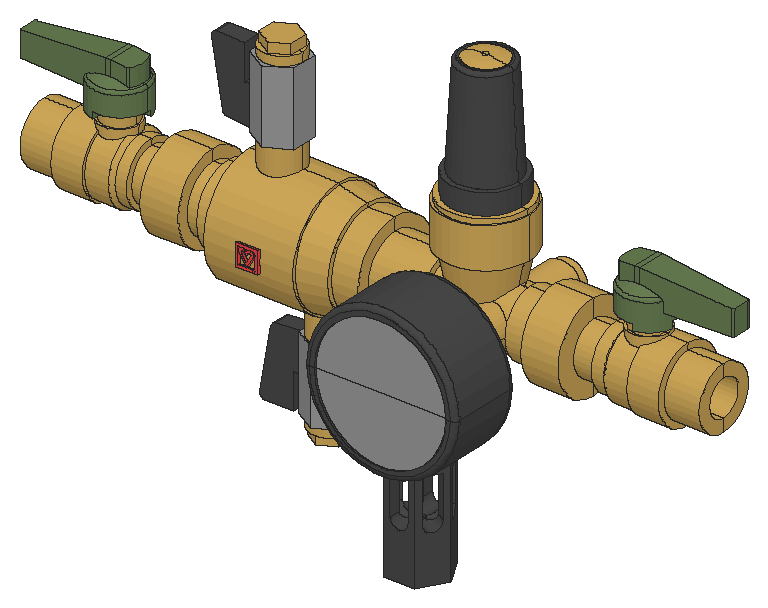
Revit family "Узел подпитки и предотвращения обратного потока 0305", category Rohrzubehör, Revit 2021
Family settings
  Bemaßung runder Anschluss = Durchmesser verwenden
  Teiletyp = Unterbricht
  OmniClass-Nummer = 23.65.55.14
  OmniClass-Titel = Valves for Liquid Services
  Arbeitsebenenbasiert = Nein
  Immer vertikal = Ja
  Beim Laden mit Abzugskörper schneiden = Nein
  Gemeinsam genutzt = Nein
Parameters
  Уплотнение = "EPDM"  # constant formula
  Примечание = "В соответствии со статьей 33 Регламента REACH (Registration; Evaluation; Authorisation; Restriction of Chemicals) (EC № 1907/2006) мы обязаны указать, что свинец внесен в список SVHC (Substances of Very High Concern - вещества очень высокой важности) и весовой процент свинца во всех латунных компонентах заводского изготовления в наших изделиях, превышает 0,1 % (w/w) (CAS: 7439-92-1 / EINECS: 231-100-4).\r\nПоскольку свинец является легирующим компонентом сплава, прямое негативное влияние исключается, и поэтому дополнительной информации о безопасном использовании не требуется."
  Область применения = "Согласно EN 1717 задача узлов предотвращения обратного потока состоит в том, чтобы не допустить обратного оттока или всасывания загрязнённой воды в сеть питьевого водоснабжения.\r\nОни устанавливаются в местах, где сеть питьевого водоснабжения соединяется с технической водой жёсткими или гибкими трубопроводами.\r\nВ основном эти узлы применяются в установках для умягчения, понижения кислотности, а также декарбонизации воды.\r\nКроме этого, узлы предотвращения обратного потока могут устанвливаться в дезинфицирующих системах или перед аппаратами химической очистки для предотвращения обратного потока химически загрязненной воды в систему питьевого водоснабжения."
  Макс. рабочее давление = 1000000.0 Pa  # constant formula
  Макс. рабочая температура = 65 °C  # constant formula
  Корпус = "латунь, CW617N"  # constant formula
  Предварительная заводская настройка давления = 150000.0 Pa  # constant formula
  W02 = 80.00°  # constant formula
  W01 = 45.00°  # constant formula
  Vorgabe-Ansicht = 0.000 mm
  URL = "www.herz-armaturen.ru"
  SC_NennweiteBerechnet = 0
  SC_Dimension = ""
  SCTWSEQ = "AW;SBT_TYP_AW=\"104\";2"
  SCTWCODE = "04;12;02"  # constant formula
  S08 = 65.000 mm  # constant formula
  S07 = 75.000 mm  # constant formula
  S06 = 27.000 mm  # constant formula
  S05 = 8.000 mm  # constant formula
  S04 = 20.000 mm  # constant formula
  S03 = 40.000 mm  # constant formula
  S02 [instance] = L17 + L18 + L19 + L20 + L21  # 74.900 mm
  S01 [instance] = D02 - 2.000 mm  # 13.200 mm
  R08 = 8.500 mm  # constant formula
  R07 = 31.000 mm  # constant formula
  R06 = 7.300 mm  # constant formula
  R05 = 6.500 mm  # constant formula
  R04 = 7.500 mm  # constant formula
  R03 = 8.500 mm  # constant formula
  R02 = 7.000 mm  # constant formula
  R01 = 8.000 mm  # constant formula
  Nennweite [instance] = 15.000 mm
  Среда = "питьевая вода"  # constant formula
  Макс. допустимая рабочая температура (кратковременно) = 85 °C  # constant formula
  L29 = 28.800 mm  # constant formula
  L28 = 85.300 mm  # constant formula
  L27 = 44.500 mm  # constant formula
  L26 = 48.500 mm  # constant formula
  L25 = 28.600 mm  # constant formula
  L24 = 10.100 mm  # constant formula
  L23 = 34.000 mm  # constant formula
  L22 = 22.000 mm  # constant formula
  L21 = 11.000 mm  # constant formula
  L20 = 12.000 mm  # constant formula
  L19 = 36.700 mm  # constant formula
  L18 = 8.700 mm  # constant formula
  L17 = 6.500 mm  # constant formula
  L16 = 70.500 mm  # constant formula
  L15 = 18.800 mm  # constant formula
  L14 = 30.000 mm  # constant formula
  L13 = 8.700 mm  # constant formula
  L12 = 4.800 mm  # constant formula
  L11 = 4.000 mm  # constant formula
  L10 = 23.300 mm  # constant formula
  L09 = 26.200 mm  # constant formula
  L08 = 15.500 mm  # constant formula
  L07 [instance] = size_lookup("0305_", "L7", 1.000 mm, Nennweite)  # 53.500 mm
  L06 [instance] = size_lookup("0305_", "L6", 1.000 mm, Nennweite)  # 30.700 mm
  L05 = 4.800 mm  # constant formula
  L04 = 10.000 mm  # constant formula
  L03 = 13.000 mm  # constant formula
  L02 [instance] = size_lookup("0305_", "L2", 1.000 mm, Nennweite)  # 14.600 mm
  L01 [instance] = size_lookup("0305_", "L1", 1.000 mm, Nennweite)  # 56.000 mm
  L00 [instance] = size_lookup("0305_", "L", 1.000 mm, Nennweite)  # 139.500 mm
  IG [instance] = Nennweite / 2  # 7.500 mm
  Hersteller = "HERZ Armaturen Ges.m.b.H."  # constant formula
  GT [instance] = size_lookup("0305_", "GT", 1.000 mm, Nennweite)  # 12.500 mm
  Положение при монтаже = "горизонтальное"  # constant formula
  D18 = 92.300 mm  # constant formula
  D17 = 66.500 mm  # constant formula
  D16 = 66.700 mm  # constant formula
  D15 = 12.200 mm  # constant formula
  D14 = 14.200 mm  # constant formula
  D13 = 19.200 mm  # constant formula
  D12 = 22.800 mm  # constant formula
  D11 = 23.700 mm  # constant formula
  D10 = 16.300 mm  # constant formula
  D09 = 13.500 mm  # constant formula
  D08 = 18.000 mm  # constant formula
  D07 = 22.000 mm  # constant formula
  D06 = 16.000 mm  # constant formula
  D05 = 10.600 mm  # constant formula
  D04 = 12.900 mm  # constant formula
  D03 = 14.400 mm  # constant formula
  D02 = 15.200 mm  # constant formula
  D01 [instance] = size_lookup("0305_", "D1", 1.000 mm, Nennweite)  # 12.600 mm
  Номер заказа [instance] = if(Nennweite = 15.000 mm, "I030501", if(Nennweite = 20.000 mm, "I030502", "0"))  # "I030501"
  Давление на выходе (регулируемое) = "0.5-3 bar"  # constant formula
Reference planes
  plane 1 "Mitte (Vorne/hinten)": y = 0
  plane 2: z = 0
  plane 3 "Mitte (Links/rechts)": x = 0
Forms (mm)
  Revolve 1, solid, material "Messing, weicher Gelbton, geschweißt", detail levels fine
    sketch origin (0, 0, 0) x (1, 0, 0) y (0, 0, 1)
      loop
        line (-127, 0) -> (-83.5, 0) -> (-83.5, 10.6) -> (-95.6, 10.6) -> (-95.6, 12.9) -> (-100.4, 12.9) -> (-101.9, 14.4) -> (-111.9, 14.4) -> (-111.9, 15.2) -> (-124.9, 15.2) -> (-124.9, 12.6) -> (-139.5, 12.6) -> (-139.5, 7.5) -> (-127, 7.5) -> (-127, 0)
      axis (-139.5, 0) -> (-83.5, 0)
    angle from 0 to 360
  Revolve 2, solid, material "Messing, weicher Gelbton, geschweißt", detail levels fine
    sketch origin (0, 0, 0) x (1, 0, 0) y (0, 0, 1)
      loop
        line (-100.8, 0) -> (-100.8, 16) -> (-101.8, 16) -> (-101.8, 22) -> (-108.8, 22) -> (-108.8, 0) -> (-100.8, 0)
      axis (-108.8, 22) -> (-108.8, 0)
    angle from 0 to 360
  Revolve 3, solid, material "Messing, weicher Gelbton, geschweißt", detail levels fine
    sketch origin (0, 0, 0) x (-1, 0, 0) y (0, 0, 1)
      loop
        line (-127, 0) -> (-83.5, 0) -> (-83.5, 10.6) -> (-95.6, 10.6) -> (-95.6, 12.9) -> (-100.4, 12.9) -> (-101.9, 14.4) -> (-111.9, 14.4) -> (-111.9, 15.2) -> (-124.9, 15.2) -> (-124.9, 12.6) -> (-139.5, 12.6) -> (-139.5, 7.5) -> (-127, 7.5) -> (-127, 0)
      axis (-139.5, 0) -> (-83.5, 0)
    angle from 0 to 360
  Revolve 4, solid, material "Messing, weicher Gelbton, geschweißt", detail levels fine
    sketch origin (0, 0, 0) x (-1, 0, 0) y (0, 0, 1)
      loop
        line (-100.8, 0) -> (-100.8, 16) -> (-101.8, 16) -> (-101.8, 22) -> (-108.8, 22) -> (-108.8, 0) -> (-100.8, 0)
      axis (-108.8, 22) -> (-108.8, 0)
    angle from 0 to 360
  Revolve 5, solid, material "Kunststoff GRÜN", detail levels fine
    sketch origin (-98.3, 0, 19.6) x (1, 0, 0) y (0, 0, 1)
      loop
        line (-10.5, 0) -> (0.9, 0) -> (0.9, 10.964)
        arc (0.9, 10.964) -> (0.673, 11.758) -> (0.059, 12.311) r 1.5
        line (0.059, 12.311) -> (-8.5, 16.5) -> (-10.5, 16.5) -> (-10.5, 0)
      axis (-10.5, 16.5) -> (-10.5, 0)
    angle from 0 to 360
  Extrusion 6, void
    sketch origin (-98.3, 0, 0) x (1, 0, 0) y (0, 1, 0)
      loop
        arc (-8.4, 11.205) -> (-18.561, 8.061) -> (-21.705, -2.1) r 11.4
        line (-21.705, -2.1) -> (-17.178, -2.1)
        arc (-17.178, -2.1) -> (-15.45, -4.95) -> (-12.6, -6.678) r 7
        line (-12.6, -6.678) -> (-12.6, -11.205)
        arc (-12.6, -11.205) -> (-2.439, -8.061) -> (0.705, 2.1) r 11.4
        line (0.705, 2.1) -> (-3.822, 2.1)
        arc (-3.822, 2.1) -> (-5.55, 4.95) -> (-8.4, 6.678) r 7
        line (-8.4, 6.678) -> (-8.4, 11.205)
    from 19.6 to 22.3
  Extrusion 7, solid, material "Kunststoff GRÜN", detail levels fine
    sketch origin (-98.3, 0, 0) x (1, 0, 0) y (0, 1, 0)
      loop
        line (-48.5, 3.242) -> (-48.5, -3.242)
        arc (-48.5, -3.242) -> (-48.281, -3.792) -> (-47.743, -4.041) r 0.8
        line (-47.743, -4.041) -> (-11.5, -5.987) -> (-9.5, -5.987) -> (-3.01, -5.535)
        arc (-3.01, -5.535) -> (-2.552, -5.387) -> (-2.216, -5.042) r 1
        arc (-2.216, -5.042) -> (-0.852, 0) -> (-2.216, 5.042) r 10
        arc (-2.216, 5.042) -> (-2.552, 5.387) -> (-3.01, 5.535) r 1
        line (-3.01, 5.535) -> (-9.5, 5.987) -> (-10.5, 5.987) -> (-11.5, 5.987) -> (-47.743, 4.041)
        arc (-47.743, 4.041) -> (-48.281, 3.792) -> (-48.5, 3.242) r 0.8
    from 26.6 to 40.1
  Extrusion 8, void
    sketch origin (-108.8, 0, 0) x (1, 0, 0) y (0, 0, 1)
      loop
        line (1, 40.1) -> (10.462, 39.272) -> (10.462, 41.682) -> (-40.279, 41.682) -> (-40.279, 36.664) -> (-1, 40.1) -> (0, 40.1) -> (1, 40.1)
    from 8 to -8
  Revolve 9, solid, material "Kunststoff GRÜN", detail levels fine
    sketch origin (98.3, 0, 19.6) x (-1, 0, 0) y (0, 0, -1)
      loop
        line (-10.5, 0) -> (-10.5, -16.5) -> (-8.5, -16.5) -> (0.059, -12.311)
        arc (0.059, -12.311) -> (0.673, -11.758) -> (0.9, -10.964) r 1.5
        line (0.9, -10.964) -> (0.9, 0) -> (-10.5, 0)
      axis (-10.5, -16.5) -> (-10.5, 0)
    angle from 0 to 360
  Extrusion 10, void
    sketch origin (98.3, 0, 0) x (-1, 0, 0) y (0, -1, 0)
      loop
        line (-8.4, -11.205) -> (-8.4, -6.678)
        arc (-8.4, -6.678) -> (-5.55, -4.95) -> (-3.822, -2.1) r 7
        line (-3.822, -2.1) -> (0.705, -2.1)
        arc (0.705, -2.1) -> (-2.439, 8.061) -> (-12.6, 11.205) r 11.4
        line (-12.6, 11.205) -> (-12.6, 6.678)
        arc (-12.6, 6.678) -> (-15.45, 4.95) -> (-17.178, 2.1) r 7
        line (-17.178, 2.1) -> (-21.705, 2.1)
        arc (-21.705, 2.1) -> (-18.561, -8.061) -> (-8.4, -11.205) r 11.4
    from 19.6 to 22.3
  Extrusion 11, solid, material "Kunststoff GRÜN", detail levels fine
    sketch origin (98.3, 0, 0) x (-1, 0, 0) y (0, -1, 0)
      loop
        arc (-48.5, -3.242) -> (-48.281, -3.792) -> (-47.743, -4.041) r 0.8
        line (-47.743, -4.041) -> (-11.5, -5.987) -> (-10.5, -5.987) -> (-9.5, -5.987) -> (-3.01, -5.535)
        arc (-3.01, -5.535) -> (-2.552, -5.387) -> (-2.216, -5.042) r 1
        arc (-2.216, -5.042) -> (-0.852, 0) -> (-2.216, 5.042) r 10
        arc (-2.216, 5.042) -> (-2.552, 5.387) -> (-3.01, 5.535) r 1
        line (-3.01, 5.535) -> (-9.5, 5.987) -> (-11.5, 5.987) -> (-47.743, 4.041)
        arc (-47.743, 4.041) -> (-48.281, 3.792) -> (-48.5, 3.242) r 0.8
        line (-48.5, 3.242) -> (-48.5, -3.242)
    from 26.6 to 40.1
  Extrusion 12, void
    sketch origin (108.8, 0, 0) x (-1, 0, 0) y (0, 0, -1)
      loop
        line (1, -40.1) -> (0, -40.1) -> (-1, -40.1) -> (-40.279, -36.664) -> (-40.279, -41.682) -> (10.462, -41.682) -> (10.462, -39.272) -> (1, -40.1)
    from 8 to -8
  Revolve 13, solid, material "Messing, weicher Gelbton, geschweißt", detail levels fine
    sketch origin (0, 0, 0) x (1, 0, 0) y (0, 0, 1)
      loop
        line (-86, 0) -> (-70.5, 0) -> (-70.5, 18) -> (-86, 18) -> (-86, 0)
      axis (-86, 0) -> (-70.5, 0)
    angle from 0 to 360
  Revolve 14, solid, material "Messing, weicher Gelbton, geschweißt", detail levels fine
    sketch origin (0, 0, 0) x (-1, 0, 0) y (0, 0, 1)
      loop
        line (-86, 0) -> (-70.5, 0) -> (-70.5, 18) -> (-86, 18) -> (-86, 0)
      axis (-86, 0) -> (-70.5, 0)
    angle from 0 to 360
  Revolve 15, solid, material "Messing, weicher Gelbton, geschweißt", detail levels fine
    sketch origin (0, 0, 0) x (1, 0, 0) y (0, 1, 0)
      loop
        line (59.2, 26.2) -> (59.2, 30.2) -> (51.7, 30.2) -> (51.7, -28.1) -> (58.2, -28.1) -> (58.2, -23.3) -> (60.2, -23.3) -> (60.2, 26.2) -> (59.2, 26.2)
      axis (51.7, 30.2) -> (51.7, -28.1)
    angle from 0 to 360
  Revolve 16, solid, material "Kunststoff - SCHWARZ", detail levels fine
    sketch origin (0, 0, 0) x (1, 0, 0) y (0, 1, 0)
      loop
        line (51.7, -28.1) -> (51.7, -64.8) -> (78.7, -64.8) -> (78.7, -66.8) -> (80.7, -66.8)
        arc (80.7, -66.8) -> (82.114, -66.214) -> (82.7, -64.8) r 2
        line (82.7, -64.8) -> (82.7, -38.8)
        arc (82.7, -38.8) -> (82.114, -37.386) -> (80.7, -36.8) r 2
        line (80.7, -36.8) -> (59, -36.8) -> (59, -28.1) -> (51.7, -28.1)
      axis (51.7, -28.1) -> (51.7, -66.8)
    angle from 0 to 360
  Revolve 17, solid, material "Messing, weicher Gelbton, geschweißt", detail levels fine
    sketch origin (0, 0, 0) x (1, 0, 0) y (0, 0, 1)
      loop
        line (-70.5, 0) -> (70.5, 0) -> (70.5, 13.5) -> (60.4, 13.5) -> (60.4, 12.2) -> (26.4, 12.2) -> (26.4, 14.2) -> (4.4, 14.2) -> (4.4, 19.2) -> (-6.6, 19.2) -> (-6.6, 20.684) -> (-18.6, 22.8) -> (-18.6, 23.7) -> (-55.3, 23.7) -> (-55.3, 16.3) -> (-64, 16.3) -> (-64, 13.5) -> (-70.5, 13.5) -> (-70.5, 0)
      axis (-70.5, 0) -> (70.5, 0)
    angle from 0 to 360
  Revolve 18, solid, material "Messing, weicher Gelbton, geschweißt", detail levels fine
    sketch origin (0, 0, 0) x (1, 0, 0) y (0, 0, 1)
      loop
        line (-41.9, 0) -> (-33.4, 0) -> (-33.4, 66.7) -> (-41.9, 66.7) -> (-41.9, 0)
      axis (-41.9, 0) -> (-41.9, 66.7)
    angle from 0 to 360
  Revolve 19, solid, material "Messing, weicher Gelbton, geschweißt", detail levels fine
    sketch origin (0, 0, 0) x (1, 0, 0) y (0, 0, -1)
      loop
        line (-22, 0) -> (-13.5, 0) -> (-13.5, 66.7) -> (-22, 66.7) -> (-22, 0)
      axis (-22, 0) -> (-22, 66.7)
    angle from 0 to 360
  Extrusion 20, solid, material "Messing, weicher Gelbton, geschweißt", detail levels fine
    sketch origin (0, 0, 0) x (1, 0, 0) y (0, 1, 0)
      loop
        line (-41.9, 7.5) -> (-48.395, 3.75) -> (-48.395, -3.75) -> (-41.9, -7.5) -> (-35.405, -3.75) -> (-35.405, 3.75) -> (-41.9, 7.5)
    from 66.7 <- "D16" to 70.7
  Extrusion 21, solid, material "Messing, weicher Gelbton, geschweißt", detail levels fine
    sketch origin (0, 0, 0) x (1, 0, 0) y (0, 1, 0)
      loop
        line (-22, 7.5) -> (-28.495, 3.75) -> (-28.495, -3.75) -> (-22, -7.5) -> (-15.505, -3.75) -> (-15.505, 3.75) -> (-22, 7.5)
    from -70.7 to -66.7
  Extrusion 22, solid, material "Aluminium 3003-H16", detail levels fine
    sketch origin (0, 0, 0) x (1, 0, 0) y (0, 1, 0)
      loop
        line (-41.9, 10.5) -> (-50.993, 5.25) -> (-50.993, -5.25) -> (-41.9, -10.5) -> (-32.807, -5.25) -> (-32.807, 5.25) -> (-41.9, 10.5)
    from 33.3 to 63.3
  Extrusion 23, solid, material "Aluminium 3003-H16", detail levels fine
    sketch origin (0, 0, 0) x (1, 0, 0) y (0, 1, 0)
      loop
        line (-22, 10.5) -> (-31.093, 5.25) -> (-31.093, -5.25) -> (-22, -10.5) -> (-12.907, -5.25) -> (-12.907, 5.25) -> (-22, 10.5)
    from -63.3 to -33.3
  Extrusion 24, solid, material "Kunststoff - SCHWARZ", detail levels fine
    sketch origin (0, 0, 0) x (1, 0, 0) y (0, 0, 1)
      loop
        line (-31.093, -33.8) -> (-41.854, -34.675)
        arc (-41.854, -34.675) -> (-43.039, -35.189) -> (-43.662, -36.321) r 2
        line (-43.662, -36.321) -> (-48.186, -61.952)
        arc (-48.186, -61.952) -> (-47.748, -63.585) -> (-46.216, -64.3) r 2
        line (-46.216, -64.3) -> (-34.4, -64.3) -> (-34.4, -49.8) -> (-22, -49.8) -> (-22, -33.8) -> (-31.093, -33.8)
    from -3.5 to 3.5
  Extrusion 25, solid, material "Kunststoff - SCHWARZ", detail levels fine
    sketch origin (-20, 0, 0) x (1, 0, 0) y (0, 0, 1)
      loop
        line (-31.093, 33.8) -> (-22, 33.8) -> (-22, 49.8) -> (-34.4, 49.8) -> (-34.4, 64.3) -> (-46.216, 64.3)
        arc (-46.216, 64.3) -> (-47.748, 63.585) -> (-48.186, 61.952) r 2
        line (-48.186, 61.952) -> (-43.662, 36.321)
        arc (-43.662, 36.321) -> (-43.039, 35.189) -> (-41.854, 34.675) r 2
        line (-41.854, 34.675) -> (-31.093, 33.8)
    from -3.5 to 3.5
  Revolve 26, solid, material "Messing, weicher Gelbton, geschweißt", detail levels fine
    sketch origin (0, 0, 0) x (1, 0, 0) y (0, 0, 1)
      loop
        line (-26, 0) -> (9.709, -35.709) -> (14.517, -30.901) -> (13.103, -29.486) -> (14.164, -28.426) -> (11.335, -25.597) -> (12.042, -24.89) -> (-19.424, 6.576) -> (-26, 0)
      axis (-26, 0) -> (9.709, -35.709)
    angle from 0 to 360
  Revolve 27, solid, material "Messing, weicher Gelbton, geschweißt", detail levels fine
    sketch origin (0, 0, 0) x (1, 0, 0) y (0, 0, 1)
      loop
        line (14.8, -48) -> (14.8, -66.5) -> (21.3, -66.5) -> (21.3, -65.5) -> (24.6, -65.5) -> (24.6, -54) -> (23.1, -54) -> (23.1, -50) -> (21.6, -50) -> (21.6, -48) -> (14.8, -48)
      axis (14.8, -48) -> (14.8, -66.5)
    angle from 0 to 360
  SweptBlend 28, solid, material "Messing, weicher Gelbton, geschweißt", detail levels fine
    path origin (0, 0, 0) x (1, 0, 0) y (0, 0, 1)
      loop
        arc (14.8, -48) -> (13.5, -41.338) -> (9.709, -35.709) r 17.079
    profile origin (14.8, 0, -48) x (-0.999973, 0, 0.007372) y (0, -1, 0)
      loop
        circle (0, 0) r 6.8
    end profile origin (9.709, 0, -35.709) x (-0.701878, 0, -0.712297) y (0, -1, 0)
      loop
        circle (0, 0) r 6.8
  Extrusion 29, solid, material "Kunststoff - SCHWARZ", detail levels fine
    sketch origin (1.983, -7.4, 0) x (0.866025, 0.5, 0) y (-0.5, 0.866025, 0)
      loop
        line (14.8, 12.5) -> (3.975, 6.25) -> (3.975, -6.25) -> (14.8, -12.5) -> (25.625, -6.25) -> (25.625, 6.25) -> (14.8, 12.5)
    from -107 to -58
  Extrusion 30, void
    sketch origin (0, 0, 0) x (1, 0, 0) y (0, 0, 1)
      loop
        line (11.05, -66.5) -> (11.05, -84.05)
        arc (11.05, -84.05) -> (14.8, -87.8) -> (18.55, -84.05) r 3.75
        line (18.55, -84.05) -> (18.55, -66.5) -> (11.05, -66.5)
    from 1 to 12
  Extrusion 31, void
    sketch origin (22.2, 12.817, 0) x (-0.5, -0.866025, 0) y (0, 0, -1)
      loop
        line (11.05, 66.5) -> (18.55, 66.5) -> (18.55, 84.05)
        arc (18.55, 84.05) -> (14.8, 87.8) -> (11.05, 84.05) r 3.75
        line (11.05, 84.05) -> (11.05, 66.5)
    from -12 to -1
  Extrusion 32, void
    sketch origin (22.2, -12.817, 0) x (-0.5, 0.866025, 0) y (0, 0, 1)
      loop
        line (11.05, -66.5) -> (11.05, -84.05)
        arc (11.05, -84.05) -> (14.8, -87.8) -> (18.55, -84.05) r 3.75
        line (18.55, -84.05) -> (18.55, -66.5) -> (11.05, -66.5)
    from -12 to -1
  Extrusion 33, void
    sketch origin (0, 0, 0) x (1, 0, 0) y (0, 0, 1)
      loop
        line (11.05, -66.5) -> (11.05, -84.05)
        arc (11.05, -84.05) -> (14.8, -87.8) -> (18.55, -84.05) r 3.75
        line (18.55, -84.05) -> (18.55, -66.5) -> (11.05, -66.5)
    from -12 to -1
  Extrusion 34, void
    sketch origin (22.2, -12.817, 0) x (-0.5, 0.866025, 0) y (0, 0, -1)
      loop
        line (11.05, 66.5) -> (18.55, 66.5) -> (18.55, 84.05)
        arc (18.55, 84.05) -> (14.8, 87.8) -> (11.05, 84.05) r 3.75
        line (11.05, 84.05) -> (11.05, 66.5)
    from -12 to -1
  Extrusion 35, void
    sketch origin (22.2, 12.817, 0) x (-0.5, -0.866025, 0) y (0, 0, 1)
      loop
        line (11.05, -66.5) -> (11.05, -84.05)
        arc (11.05, -84.05) -> (14.8, -87.8) -> (18.55, -84.05) r 3.75
        line (18.55, -84.05) -> (18.55, -66.5) -> (11.05, -66.5)
    from -12 to -1
  Extrusion 36, void
    sketch origin (0, 0, 0) x (1, 0, 0) y (0, 1, 0)
      loop
        circle (14.8, 0) r 2
    from -88.4 to -66.5
  Revolve 37, solid, material "Messing, weicher Gelbton, geschweißt", detail levels fine
    sketch origin (0, 0, 0) x (1, 0, 0) y (0, 0, 1)
      loop
        line (41.7, 0) -> (52.967, 0) -> (57.7, 22.6) -> (59.7, 22.6) -> (59.7, 39.2) -> (58.9, 39.2) -> (58.9, 41.2) -> (41.7, 41.2) -> (41.7, 0)
      axis (41.7, 41.2) -> (41.7, 0)
    angle from 0 to 360
  Revolve 38, solid, material "Kunststoff - SCHWARZ", detail levels fine
    sketch origin (0, 0, 0) x (1, 0, 0) y (0, 0, 1)
      loop
        line (41.7, 41.2) -> (56.7, 41.2) -> (56.7, 49.7) -> (54.7, 49.7) -> (52.769, 89.772)
        arc (52.769, 89.772) -> (52.305, 90.786) -> (51.271, 91.2) r 1.5
        line (51.271, 91.2) -> (41.7, 91.2) -> (41.7, 41.2)
      axis (41.7, 91.2) -> (41.7, 41.2)
    angle from 0 to 360
  Revolve 39, solid, material "Messing, weicher Gelbton, geschweißt", detail levels fine
    sketch origin (0, 0, 0) x (1, 0, 0) y (0, 0, 1)
      loop
        line (41.7, 90.224) -> (50.2, 90.224) -> (50.2, 91.262)
        arc (50.2, 91.262) -> (46.695, 92.029) -> (43.118, 92.3) r 25.716
        line (43.118, 92.3) -> (41.7, 92.3) -> (41.7, 90.224)
      axis (41.7, 92.3) -> (41.7, 90.224)
    angle from 0 to 360
  Revolve 40, solid, material "Acetalharz, Weiß", detail levels fine
    sketch origin (0, 0, 0) x (1, 0, 0) y (0, 1, 0)
      loop
        line (51.7, -64.8) -> (51.7, -66.3) -> (78.7, -66.3) -> (78.7, -64.8) -> (51.7, -64.8)
      axis (51.7, -66.3) -> (51.7, -64.8)
    angle from 0 to 360
Cuts and joins
  Extrusion 6, Extrusion 10 cuts Revolve 5
  Extrusion 8, Extrusion 12 cuts Extrusion 7
  Extrusion 10 cuts Revolve 2
  Extrusion 10 cuts Revolve 9
  Extrusion 12 cuts Extrusion 11
  Extrusion 30, Extrusion 31, Extrusion 32, Extrusion 33, Extrusion 34, Extrusion 35, Extrusion 36 cuts Revolve 27
  Extrusion 30, Extrusion 31, Extrusion 32, Extrusion 33, Extrusion 34, Extrusion 35, Extrusion 36 cuts Extrusion 29
Lines and regions (mm)
  model lines
    curve 1: line (-70.5, 0, 0) -> (4.4, 0, 0)
  model lines, detail levels coarse+medium
    curve 2: line (-139.5, 0, 15.2) -> (-139.5, 0, -15.2)
    curve 3: line (-139.5, 0, -15.2) -> (-83.5, 0, 15.2)
    curve 4: line (-83.5, 0, 15.2) -> (-83.5, 0, -15.2)
    curve 5: line (-83.5, 0, -15.2) -> (-139.5, 0, 15.2)
    curve 6: circle (-111.5, 0, 0) r 13.2 normal (0, -1, 0)
    curve 7: line (139.5, 0, 15.2) -> (139.5, 0, -15.2)
    curve 8: line (139.5, 0, -15.2) -> (83.5, 0, 15.2)
    curve 9: line (83.5, 0, 15.2) -> (83.5, 0, -15.2)
    curve 10: line (83.5, 0, -15.2) -> (139.5, 0, 15.2)
    curve 11: circle (111.5, 0, 0) r 13.2 normal (0, 1, 0)
    curve 12: line (-70.5, 0, 23.7) -> (4.4, 0, 23.7)
    curve 13: line (-70.5, 0, -23.7) -> (-70.5, 0, 23.7)
    curve 14: line (4.4, 0, -23.7) -> (-70.5, 0, -23.7)
    curve 15: line (4.4, 0, 23.7) -> (4.4, 0, -23.7)
    curve 16: line (-83.5, 0, 0) -> (-70.5, 0, 0)
    curve 17: line (-70.5, 0, 15.7) -> (-30.5, 0, 15.7)
    curve 18: line (-15.6, 0, 15.7) -> (4.4, 0, 15.7)
    curve 19: line (-70.5, 0, -15.7) -> (-30.5, 0, -15.7)
    curve 20: line (-15.6, 0, -15.7) -> (4.4, 0, -15.7)
    curve 21: line (4.4, 0, 0) -> (83.5, 0, 0)
    curve 22: circle (51.592, 0, 47) r 27 normal (0, -1, 0)
    curve 23: line (35.682, 0, 31.09) -> (67.502, 0, 62.91)
    curve 24: line (67.502, 0, 62.91) -> (67.502, 0, 52.91)
    curve 25: line (67.502, 0, 62.91) -> (57.502, 0, 62.91)
    curve 26: line (51.592, 0, 20) -> (51.592, 0, 0)
    curve 27: line (4.4, 0, -23.7) -> (4.4, 0, -75)
    curve 28: line (-8.1, 0, -65) -> (16.9, 0, -65)
    curve 29: line (-139.5, 15.2, 0) -> (-139.5, -15.2, 0)
    curve 30: line (-139.5, -15.2, 0) -> (-83.5, 15.2, 0)
    curve 31: line (-83.5, 15.2, 0) -> (-83.5, -15.2, 0)
    curve 32: line (-83.5, -15.2, 0) -> (-139.5, 15.2, 0)
    curve 33: circle (-111.5, 0, 0) r 13.2 normal (0, 0, 1)
    curve 34: line (139.5, 15.2, 0) -> (139.5, -15.2, 0)
    curve 35: line (139.5, -15.2, 0) -> (83.5, 15.2, 0)
    curve 36: line (83.5, 15.2, 0) -> (83.5, -15.2, 0)
    curve 37: line (83.5, -15.2, 0) -> (139.5, 15.2, 0)
    curve 38: circle (111.5, 0, 0) r 13.2 normal (0, 0, -1)
    curve 39: circle (41.3, 36.063, 0) r 27 normal (0, 0, 1)
    curve 40: line (25.39, 20.154, 0) -> (57.21, 51.973, 0)
    curve 41: line (57.21, 51.973, 0) -> (57.21, 41.973, 0)
    curve 42: line (57.21, 51.973, 0) -> (47.21, 51.973, 0)
    curve 43: line (41.3, 9.063, 0) -> (41.3, 0, 0)
    curve 44: line (-70.5, 23.7, 0) -> (4.4, 23.7, 0)
    curve 45: line (-70.5, -23.7, 0) -> (-70.5, 23.7, 0)
    curve 46: line (4.4, -23.7, 0) -> (-70.5, -23.7, 0)
    curve 47: line (4.4, 23.7, 0) -> (4.4, -23.7, 0)
    curve 48: line (-70.5, 15.7, 0) -> (-30.5, 15.7, 0)
    curve 49: line (4.4, 15.7, 0) -> (-15.6, 15.7, 0)
    curve 50: line (-70.5, -15.7, 0) -> (-30.5, -15.7, 0)
    curve 51: line (4.4, -15.7, 0) -> (-15.6, -15.7, 0)
    curve 52: line (4.4, -23.7, 0) -> (4.4, -75, 0)
    curve 53: line (-8.1, -65, 0) -> (16.9, -65, 0)
Dimensions and locks
  "IG": Revolve 1 sketch curve to plane 2
  "L01": Revolve 1 sketch curve to Revolve 1 sketch curve
  "L02": Revolve 1 sketch curve to Revolve 1 sketch curve
  "L03": Revolve 1 sketch curve to Revolve 1 sketch curve
  "L04": Revolve 1 sketch curve to Revolve 1 sketch curve
  "L05": Revolve 1 sketch curve to Revolve 1 sketch curve
  "D01": Revolve 1 sketch curve to plane 2
  "D02": Revolve 1 sketch curve to Revolve 1 sketch curve
  "D03": Revolve 1 sketch curve to plane 2
  "D04": Revolve 1 sketch curve to plane 2
  "D05": Revolve 1 sketch curve to plane 2
  "R01": Revolve 2 sketch curve to Revolve 2 sketch curve
  "L06": Revolve 1 to Revolve 2 sketch curve
  "D06": Revolve 2 sketch curve to plane 2
  "R02": Revolve 2 sketch curve to Revolve 2 sketch curve
  "D07": Revolve 2 sketch curve to plane 2
  "L00": plane 3 "Mitte (Links/rechts)" to Revolve 1 sketch curve
  "L01": Revolve 3 sketch curve to Revolve 3 sketch curve
  "L02": Revolve 3 sketch curve to Revolve 3 sketch curve
  "L03": Revolve 3 sketch curve to Revolve 3 sketch curve
  "L04": Revolve 3 sketch curve to Revolve 3 sketch curve
  "L05": Revolve 3 sketch curve to Revolve 3 sketch curve
  "D02": Revolve 3 sketch curve to Revolve 3 sketch curve
  "R01": Revolve 4 sketch curve to Revolve 4 sketch curve
  "L06": Revolve 3 to Revolve 4 sketch curve
  "R02": Revolve 4 sketch curve to Revolve 4 sketch curve
  "L00": plane 3 "Mitte (Links/rechts)" to Revolve 3 sketch curve
  "L06": Revolve 5 sketch curve to Revolve 1
  cut or joined group of Revolve 5, Extrusion 6, Extrusion 10 to plane 2 = 22.300 mm
  Extrusion 10 to plane 2 = 22.300 mm
  "L06": Revolve 9 sketch curve to Revolve 3
  "L07": Revolve 13 sketch curve to Revolve 1
  "L08": Revolve 13 sketch curve to Revolve 13 sketch curve
  "D08": Revolve 13 sketch curve to plane 2
  "L08": Revolve 14 sketch curve to Revolve 14 sketch curve
  "L07": Revolve 14 sketch curve to Revolve 3
  "D08": Revolve 14 sketch curve to plane 2
  "IG": Revolve 3 sketch curve to plane 2
  "D01": Revolve 3 sketch curve to plane 2
  "D05": Revolve 3 sketch curve to plane 2
  "D04": Revolve 3 sketch curve to plane 2
  "D03": Revolve 3 sketch curve to plane 2
  "D06": Revolve 4 sketch curve to plane 2
  "D07": Revolve 4 sketch curve to plane 2
  "L06": Extrusion 11 sketch curve to Revolve 3
  "L06": Revolve 1 to Extrusion 7 sketch curve
  cut or joined group of Extrusion 7, Extrusion 8, Extrusion 12 to Extrusion 7 sketch curve = 38.000 mm
  Extrusion 11 sketch curve to cut or joined group of Extrusion 11, Extrusion 12 = 38.000 mm
  "L06": Revolve 1 to Extrusion 8 sketch curve
  "L06": Extrusion 12 sketch curve to Revolve 3
  "R03": Revolve 15 sketch curve to Revolve 15 sketch curve
  "L09": plane 1 "Mitte (Vorne/hinten)" to Revolve 15 sketch curve
  "L10": Revolve 15 sketch curve to plane 1 "Mitte (Vorne/hinten)"
  "R04": Revolve 15 sketch curve to Revolve 15 sketch curve
  "L11": Revolve 15 sketch curve to Revolve 15 sketch curve
  "R05": Revolve 15 sketch curve to Revolve 15 sketch curve
  "L15": Revolve 15 sketch curve to Revolve 14
  "L12": Revolve 15 sketch curve to Revolve 15 sketch curve
  "R06": Revolve 15 sketch curve to Revolve 16 sketch curve
  "L13": Revolve 16 sketch curve to Revolve 16 sketch curve
  "R07": Revolve 15 sketch curve to Revolve 16 sketch curve
  "L14": Revolve 16 sketch curve to Revolve 16 sketch curve
  "R07": Revolve 16 sketch curve to Revolve 16 sketch curve
  Revolve 16 sketch curve to Revolve 16 sketch curve = 7.300 mm
  "GT": Revolve 1 sketch curve to Revolve 1 sketch curve
  "GT": Revolve 3 sketch curve to Revolve 3 sketch curve
  "L16": plane 3 "Mitte (Links/rechts)" to Revolve 17 sketch curve
  "L17": Revolve 17 sketch curve to Revolve 17 sketch curve
  "L18": Revolve 17 sketch curve to Revolve 17 sketch curve
  "L19": Revolve 17 sketch curve to Revolve 17 sketch curve
  "L20": Revolve 17 sketch curve to Revolve 17 sketch curve
  "L21": Revolve 17 sketch curve to Revolve 17 sketch curve
  "L22": Revolve 17 sketch curve to Revolve 17 sketch curve
  "L23": Revolve 17 sketch curve to Revolve 17 sketch curve
  "L24": Revolve 17 sketch curve to Revolve 17 sketch curve
  "D09": Revolve 17 sketch curve to plane 2  (x2)
  "D10": Revolve 17 sketch curve to plane 2
  "D11": Revolve 17 sketch curve to plane 2
  "D15": Revolve 17 sketch curve to plane 2
  "D14": Revolve 17 sketch curve to plane 2
  "D13": Revolve 17 sketch curve to plane 2
  "D12": Revolve 17 sketch curve to plane 2
  "L06": Revolve 1 to Extrusion 6 sketch curve
  "L06": Extrusion 10 sketch curve to Revolve 3
  "L25": Revolve 13 to Revolve 18 sketch curve
  "R08": Revolve 18 sketch curve to Revolve 18 sketch curve
  "D16": Revolve 18 sketch curve to plane 2
  "R08": Revolve 19 sketch curve to Revolve 19 sketch curve
  "L26": Revolve 13 to Revolve 19 sketch curve
  "D16": plane 2 to Revolve 19 sketch curve
  "L25": Revolve 13 to Extrusion 20 sketch curve
  "L26": Revolve 13 to Extrusion 21 sketch curve
  "L25": Revolve 13 to Extrusion 22 sketch curve
  "L26": Revolve 13 to Extrusion 23 sketch curve
  "L27": Revolve 13 to Revolve 26 sketch curve
  "L28": Revolve 13 to Revolve 27 sketch curve
  "L29": Revolve 37 sketch curve to Revolve 14
  "D18": Revolve 39 sketch curve to plane 2
  Revolve 37 sketch curve to Revolve 37 sketch curve = 11.267 mm
  "D11": nested 1 to plane 1 "Mitte (Vorne/hinten)"
  "D02": curve 5 to plane 2 to curve 3
  "D02": curve 4 to plane 2 to curve 5
  "L00": plane 3 "Mitte (Links/rechts)" to curve 2
  "L01": curve 2 to curve 4
  "D02": curve 10 to plane 2 to curve 8
  "D02": curve 9 to plane 2 to curve 10
  "L00": curve 7 to plane 3 "Mitte (Links/rechts)"
  "L01": curve 9 to curve 7
  "L16": plane 3 "Mitte (Links/rechts)" to curve 13
  "S02": curve 15 to curve 13
  "D11": curve 12 to plane 2 to curve 14
  "S05": curve 19 to curve 14
  "S05": curve 12 to curve 17
  "S05": curve 12 to curve 18
  "S05": curve 20 to curve 14
  "S04": curve 18 to curve 15
  "S03": curve 17 to curve 13
  "S03": curve 19 to curve 13
  "S04": curve 20 to curve 15
  "S07": plane 2 to curve 27
  "S08": plane 2 to curve 28
  "L00": curve 29 to plane 3 "Mitte (Links/rechts)"
  "L01": curve 29 to curve 31
  "D02": curve 30 to plane 1 "Mitte (Vorne/hinten)" to curve 32
  "D02": curve 32 to plane 1 "Mitte (Vorne/hinten)" to curve 31
  equal spacing: curve 29, curve 33, curve 31
  equal spacing: curve 2, curve 6, curve 4
  equal spacing: curve 9, curve 11, curve 7
  "L01": curve 34 to curve 36
  "D02": curve 35 to plane 1 "Mitte (Vorne/hinten)" to curve 37
  "D02": curve 37 to plane 1 "Mitte (Vorne/hinten)" to curve 36
  equal spacing: curve 34, curve 38, curve 36
  "L00": plane 3 "Mitte (Links/rechts)" to curve 34
  "L16": curve 45 to plane 3 "Mitte (Links/rechts)"
  "S02": curve 45 to curve 47
  "D11": curve 46 to plane 1 "Mitte (Vorne/hinten)" to curve 44
  "S05": curve 48 to curve 44
  "S05": curve 44 to curve 49
  "S05": curve 51 to curve 46
  "S05": curve 46 to curve 50
  "S03": curve 45 to curve 48
  "S04": curve 49 to curve 47
  "S04": curve 51 to curve 47
  "S03": curve 45 to curve 50
  "S07": curve 52 to plane 1 "Mitte (Vorne/hinten)"
  "S08": curve 53 to plane 1 "Mitte (Vorne/hinten)"
  radius of cut or joined group of Extrusion 7, Extrusion 8, Extrusion 12 = 10.000 mm
  radius of cut or joined group of Extrusion 11, Extrusion 12 = 10.000 mm
  "S01": radius of curve 6
  "S01": radius of curve 11
  "S06": radius of curve 22
  "S01": radius of curve 33
  "S01": radius of curve 38
  "S06": radius of curve 39
  "W01": angle Revolve 1 sketch curve to Revolve 1 sketch curve
  "W01": angle Revolve 3 sketch curve to Revolve 3 sketch curve
  "W02": angle Revolve 17 sketch curve to Revolve 17 sketch curve
  "W01": angle Revolve 26 sketch curve to plane 2
  "W01": angle curve 23 to curve 24
  "W01": angle curve 25 to curve 23
  "W01": angle curve 40 to curve 41
  "W01": angle curve 42 to curve 40
  aligned and locked: level to plane 2
Automatic sketch dimensions
  Extrusion 24 sketch curve to plane 3 "Mitte (Links/rechts)" = 48.186 mm
  Extrusion 24 sketch curve to Extrusion 24 sketch curve = 1.970 mm  (x2)
  Extrusion 24 sketch curve to Extrusion 24 sketch curve = 4.524 mm
  Extrusion 24 sketch curve to Extrusion 24 sketch curve = 1.807 mm
  Extrusion 24 sketch curve to Extrusion 24 sketch curve = 7.292 mm
  Extrusion 24 sketch curve to Extrusion 24 sketch curve = 10.761 mm
  Extrusion 24 sketch curve to Extrusion 24 sketch curve = 12.400 mm
  Extrusion 24 sketch curve to level = 64.300 mm
  Extrusion 24 sketch curve to Extrusion 24 sketch curve = 2.000 mm
  Extrusion 24 sketch curve to Extrusion 24 sketch curve = 14.500 mm
  Extrusion 24 sketch curve to Extrusion 24 sketch curve = 13.132 mm
  Extrusion 24 sketch curve to Extrusion 24 sketch curve = 0.348 mm
  Extrusion 24 sketch curve to Extrusion 24 sketch curve = 0.875 mm
  plane 3 "Mitte (Links/rechts)" to Extrusion 25 sketch curve = 68.186 mm
  Extrusion 25 sketch curve to Extrusion 25 sketch curve = 1.970 mm  (x2)
  Extrusion 25 sketch curve to Extrusion 25 sketch curve = 4.524 mm
  Extrusion 25 sketch curve to level = 34.675 mm
  Extrusion 25 sketch curve to Extrusion 25 sketch curve = 1.807 mm
  Extrusion 25 sketch curve to Extrusion 25 sketch curve = 7.292 mm
  Extrusion 25 sketch curve to Extrusion 25 sketch curve = 10.761 mm
  Extrusion 25 sketch curve to Extrusion 25 sketch curve = 12.400 mm
  Extrusion 25 sketch curve to Extrusion 25 sketch curve = 1.646 mm
  Extrusion 25 sketch curve to Extrusion 25 sketch curve = 13.132 mm
  Extrusion 25 sketch curve to Extrusion 25 sketch curve = 12.152 mm
  Extrusion 25 sketch curve to Extrusion 25 sketch curve = 0.348 mm
  Extrusion 25 sketch curve to Extrusion 25 sketch curve = 0.875 mm
  SweptBlend 28 sketch curve to plane 3 "Mitte (Links/rechts)" = 2.278 mm
  SweptBlend 28 sketch curve to level = 47.874 mm
  plane 3 "Mitte (Links/rechts)" to SweptBlend 28 sketch curve = 9.709 mm
  SweptBlend 28 sketch curve to SweptBlend 28 sketch curve = 5.091 mm
  SweptBlend 28 sketch curve to SweptBlend 28 sketch curve = 0.126 mm
  plane 1 "Mitte (Vorne/hinten)" to SweptBlend 28 sketch curve = 0.000 mm  (x2)
  SweptBlend 28 sketch curve to profile plane = 0.000 mm  (x2)
  plane 1 "Mitte (Vorne/hinten)" to Extrusion 29 sketch curve = 0.000 mm  (x2)
  plane 3 "Mitte (Links/rechts)" to Extrusion 29 sketch curve = 2.300 mm
  Extrusion 29 sketch curve to Extrusion 29 sketch curve = 10.825 mm  (x3)
  Extrusion 29 sketch curve to Extrusion 29 sketch curve = 12.500 mm  (x2)
  Extrusion 29 sketch curve to Extrusion 29 sketch curve = 6.250 mm  (x2)
  plane 3 "Mitte (Links/rechts)" to Extrusion 30 sketch curve = 11.050 mm
  Extrusion 30 sketch curve to Extrusion 30 sketch curve = 3.750 mm
  Extrusion 30 sketch curve to level = 84.050 mm
  Extrusion 30 sketch curve to Extrusion 30 sketch curve = 17.550 mm
  Extrusion 30 sketch curve to Extrusion 30 sketch curve = 0.000 mm
  Extrusion 31 sketch curve to level = 66.500 mm
  Extrusion 31 sketch curve to Extrusion 31 sketch curve = 3.750 mm
  Extrusion 31 sketch curve to Extrusion 31 sketch curve = 17.550 mm
  Extrusion 31 sketch curve to Extrusion 31 sketch curve = 0.000 mm
  Extrusion 32 sketch curve to level = 66.500 mm
  Extrusion 32 sketch curve to Extrusion 32 sketch curve = 3.750 mm
  Extrusion 32 sketch curve to Extrusion 32 sketch curve = 17.550 mm
  Extrusion 32 sketch curve to Extrusion 32 sketch curve = 0.000 mm
  plane 3 "Mitte (Links/rechts)" to Extrusion 33 sketch curve = 11.050 mm
  Extrusion 33 sketch curve to Extrusion 33 sketch curve = 3.750 mm
  Extrusion 33 sketch curve to level = 84.050 mm
  Extrusion 33 sketch curve to Extrusion 33 sketch curve = 17.550 mm
  Extrusion 33 sketch curve to Extrusion 33 sketch curve = 0.000 mm
  Extrusion 34 sketch curve to level = 66.500 mm
  Extrusion 34 sketch curve to Extrusion 34 sketch curve = 3.750 mm
  Extrusion 34 sketch curve to Extrusion 34 sketch curve = 17.550 mm
  Extrusion 34 sketch curve to Extrusion 34 sketch curve = 0.000 mm
  Extrusion 35 sketch curve to level = 66.500 mm
  Extrusion 35 sketch curve to Extrusion 35 sketch curve = 3.750 mm
  Extrusion 35 sketch curve to Extrusion 35 sketch curve = 17.550 mm
  Extrusion 35 sketch curve to Extrusion 35 sketch curve = 0.000 mm
  plane 1 "Mitte (Vorne/hinten)" to Extrusion 36 sketch curve = 0.000 mm
  plane 3 "Mitte (Links/rechts)" to Extrusion 36 sketch curve = 14.800 mm
  plane 3 "Mitte (Links/rechts)" to Revolve 38 sketch curve = 41.700 mm
  Revolve 38 sketch curve to Revolve 38 sketch curve = 9.571 mm
  Revolve 38 sketch curve to Revolve 38 sketch curve = 1.498 mm
  Revolve 38 sketch curve to Revolve 38 sketch curve = 13.000 mm
  Revolve 38 sketch curve to Revolve 38 sketch curve = 2.000 mm
  level to Revolve 38 sketch curve = 41.200 mm
  Revolve 38 sketch curve to Revolve 38 sketch curve = 8.500 mm
  Revolve 38 sketch curve to Revolve 38 sketch curve = 40.000 mm
  Revolve 38 sketch curve to Revolve 38 sketch curve = 0.072 mm
  Revolve 38 sketch curve to Revolve 38 sketch curve = 0.000 mm  (x3)
  plane 3 "Mitte (Links/rechts)" to Revolve 40 sketch curve = 51.700 mm
  Revolve 40 sketch curve to Revolve 40 sketch curve = 27.000 mm
  plane 1 "Mitte (Vorne/hinten)" to Revolve 40 sketch curve = 66.300 mm
  Revolve 40 sketch curve to Revolve 40 sketch curve = 1.500 mm
  Revolve 40 sketch curve to Revolve 40 sketch curve = 0.000 mm  (x3)
  curve 26 to level = 0.000 mm
  curve 11 to level = 0.000 mm
  curve 6 to level = 0.000 mm
  curve 16 to level = 0.000 mm
  curve 28 to plane 3 "Mitte (Links/rechts)" = 8.100 mm
  curve 27 to curve 28 = 12.500 mm
  curve 26 to curve 8 = 31.908 mm
  level to curve 26 = 20.000 mm
  plane 1 "Mitte (Vorne/hinten)" to curve 43 = 0.000 mm
  plane 1 "Mitte (Vorne/hinten)" to curve 1 = 0.000 mm
  plane 1 "Mitte (Vorne/hinten)" to curve 33 = 0.000 mm
  plane 1 "Mitte (Vorne/hinten)" to curve 38 = 0.000 mm
  curve 44 to curve 39 = 36.900 mm
  curve 39 to curve 40 = 15.910 mm
  curve 39 to plane 1 "Mitte (Vorne/hinten)" = 36.063 mm
  curve 39 to curve 41 = 15.910 mm
  curve 53 to plane 3 "Mitte (Links/rechts)" = 8.100 mm
  curve 52 to curve 53 = 12.500 mm
  curve 40 to curve 43 = 15.910 mm
  Revolve 1 sketch curve to level = 0.000 mm  (x2)
  Revolve 1 sketch curve to Revolve 1 sketch curve = 1236.530 mm
  plane 3 "Mitte (Links/rechts)" to Revolve 1 sketch curve = 1839.148 mm
  Revolve 2 sketch curve to level = 0.000 mm  (x2)
  Revolve 2 sketch curve to Revolve 2 sketch curve = 0.000 mm
  Revolve 2 sketch curve to Revolve 2 sketch curve = 6.000 mm
  Revolve 3 sketch curve to level = 0.000 mm  (x2)
  Revolve 3 sketch curve to Revolve 3 sketch curve = 1236.530 mm
  plane 3 "Mitte (Links/rechts)" to Revolve 3 sketch curve = 1839.148 mm
  Revolve 4 sketch curve to level = 0.000 mm  (x2)
  Revolve 4 sketch curve to Revolve 4 sketch curve = 0.000 mm
  Revolve 4 sketch curve to Revolve 4 sketch curve = 6.000 mm
  Revolve 5 sketch curve to Revolve 5 sketch curve = 2.000 mm
  Revolve 5 sketch curve to Revolve 5 sketch curve = 7.900 mm
  level to Revolve 5 sketch curve = 31.911 mm
  Revolve 5 sketch curve to Revolve 5 sketch curve = 0.659 mm
  Revolve 5 sketch curve to Revolve 5 sketch curve = 1.500 mm
  Revolve 5 sketch curve to Revolve 5 sketch curve = 10.964 mm
  Revolve 5 sketch curve to Revolve 5 sketch curve = 5.536 mm
  Revolve 5 sketch curve to Revolve 5 sketch curve = 0.000 mm  (x3)
  Extrusion 6 sketch curve to Extrusion 6 sketch curve = 0.000 mm  (x6)
  plane 1 "Mitte (Vorne/hinten)" to Extrusion 6 sketch curve = 0.000 mm
  Extrusion 6 sketch curve to Extrusion 6 sketch curve = 2.100 mm
  plane 1 "Mitte (Vorne/hinten)" to Extrusion 6 sketch curve = 2.100 mm
  Extrusion 6 sketch curve to Extrusion 6 sketch curve = 4.578 mm  (x2)
  Extrusion 6 sketch curve to Extrusion 6 sketch curve = 4.527 mm  (x2)
  Extrusion 6 sketch curve to plane 1 "Mitte (Vorne/hinten)" = 11.205 mm
  Extrusion 6 sketch curve to plane 1 "Mitte (Vorne/hinten)" = 2.100 mm
  plane 1 "Mitte (Vorne/hinten)" to Extrusion 7 sketch curve = 0.000 mm
  Extrusion 7 sketch curve to Extrusion 7 sketch curve = 0.352 mm
  Extrusion 7 sketch curve to Extrusion 7 sketch curve = 1.000 mm  (x2)
  plane 1 "Mitte (Vorne/hinten)" to Extrusion 7 sketch curve = 5.987 mm
  Extrusion 7 sketch curve to Extrusion 7 sketch curve = 0.648 mm
  plane 1 "Mitte (Vorne/hinten)" to Extrusion 7 sketch curve = 3.242 mm
  Extrusion 7 sketch curve to Extrusion 7 sketch curve = 36.200 mm
  Extrusion 7 sketch curve to plane 1 "Mitte (Vorne/hinten)" = 3.242 mm
  Extrusion 7 sketch curve to Extrusion 7 sketch curve = 0.000 mm  (x2)
  plane 1 "Mitte (Vorne/hinten)" to Extrusion 7 sketch curve = 4.041 mm
  Extrusion 7 sketch curve to Extrusion 7 sketch curve = 0.043 mm
  Extrusion 7 sketch curve to plane 1 "Mitte (Vorne/hinten)" = 4.041 mm
  Extrusion 7 sketch curve to Extrusion 7 sketch curve = 2.000 mm
  Extrusion 7 sketch curve to plane 1 "Mitte (Vorne/hinten)" = 5.987 mm
  Extrusion 7 sketch curve to Extrusion 7 sketch curve = 6.421 mm  (x2)
  plane 1 "Mitte (Vorne/hinten)" to Extrusion 7 sketch curve = 5.535 mm
  Extrusion 7 sketch curve to Extrusion 7 sketch curve = 0.069 mm  (x2)
  Extrusion 7 sketch curve to plane 1 "Mitte (Vorne/hinten)" = 5.535 mm
  Extrusion 7 sketch curve to Extrusion 7 sketch curve = 0.998 mm  (x2)
  level to Extrusion 8 sketch curve = 40.100 mm
  Extrusion 8 sketch curve to Extrusion 8 sketch curve = 1.000 mm  (x2)
  Extrusion 8 sketch curve to Extrusion 8 sketch curve = 39.279 mm
  level to Extrusion 8 sketch curve = 39.272 mm
  Extrusion 8 sketch curve to Extrusion 8 sketch curve = 9.462 mm
  level to Extrusion 8 sketch curve = 36.664 mm
  Extrusion 8 sketch curve to Extrusion 8 sketch curve = 2.410 mm
  Revolve 9 sketch curve to Revolve 9 sketch curve = 2.000 mm
  Revolve 9 sketch curve to Revolve 9 sketch curve = 7.900 mm
  level to Revolve 9 sketch curve = 31.911 mm
  Revolve 9 sketch curve to Revolve 9 sketch curve = 0.659 mm
  Revolve 9 sketch curve to Revolve 9 sketch curve = 1.500 mm
  Revolve 9 sketch curve to Revolve 9 sketch curve = 4.189 mm
  Revolve 9 sketch curve to Revolve 9 sketch curve = 10.964 mm
  Revolve 9 sketch curve to Revolve 9 sketch curve = 0.000 mm  (x3)
  Extrusion 10 sketch curve to Extrusion 10 sketch curve = 0.000 mm  (x6)
  plane 1 "Mitte (Vorne/hinten)" to Extrusion 10 sketch curve = 0.000 mm
  Extrusion 10 sketch curve to Extrusion 10 sketch curve = 2.100 mm
  Extrusion 10 sketch curve to plane 1 "Mitte (Vorne/hinten)" = 2.100 mm
  Extrusion 10 sketch curve to Extrusion 10 sketch curve = 4.578 mm  (x2)
  Extrusion 10 sketch curve to Extrusion 10 sketch curve = 4.527 mm  (x2)
  plane 1 "Mitte (Vorne/hinten)" to Extrusion 10 sketch curve = 11.205 mm
  plane 1 "Mitte (Vorne/hinten)" to Extrusion 10 sketch curve = 2.100 mm
  plane 1 "Mitte (Vorne/hinten)" to Extrusion 11 sketch curve = 0.000 mm
  Extrusion 11 sketch curve to Extrusion 11 sketch curve = 0.352 mm
  Extrusion 11 sketch curve to Extrusion 11 sketch curve = 1.000 mm  (x2)
  Extrusion 11 sketch curve to plane 1 "Mitte (Vorne/hinten)" = 5.987 mm
  Extrusion 11 sketch curve to Extrusion 11 sketch curve = 0.648 mm
  Extrusion 11 sketch curve to plane 1 "Mitte (Vorne/hinten)" = 3.242 mm
  Extrusion 11 sketch curve to Extrusion 11 sketch curve = 36.200 mm
  plane 1 "Mitte (Vorne/hinten)" to Extrusion 11 sketch curve = 3.242 mm
  Extrusion 11 sketch curve to Extrusion 11 sketch curve = 0.000 mm  (x2)
  Extrusion 11 sketch curve to plane 1 "Mitte (Vorne/hinten)" = 4.041 mm
  Extrusion 11 sketch curve to Extrusion 11 sketch curve = 0.043 mm
  plane 1 "Mitte (Vorne/hinten)" to Extrusion 11 sketch curve = 4.041 mm
  Extrusion 11 sketch curve to Extrusion 11 sketch curve = 2.000 mm
  plane 1 "Mitte (Vorne/hinten)" to Extrusion 11 sketch curve = 5.987 mm
  Extrusion 11 sketch curve to Extrusion 11 sketch curve = 6.421 mm  (x2)
  Extrusion 11 sketch curve to plane 1 "Mitte (Vorne/hinten)" = 5.535 mm
  Extrusion 11 sketch curve to Extrusion 11 sketch curve = 0.069 mm  (x2)
  plane 1 "Mitte (Vorne/hinten)" to Extrusion 11 sketch curve = 5.535 mm
  Extrusion 11 sketch curve to Extrusion 11 sketch curve = 0.998 mm  (x2)
  Extrusion 12 sketch curve to level = 40.100 mm
  Extrusion 12 sketch curve to Extrusion 12 sketch curve = 1.000 mm  (x2)
  Extrusion 12 sketch curve to Extrusion 12 sketch curve = 39.279 mm
  Extrusion 12 sketch curve to level = 39.272 mm
  Extrusion 12 sketch curve to Extrusion 12 sketch curve = 9.462 mm
  Extrusion 12 sketch curve to level = 36.664 mm
  Extrusion 12 sketch curve to Extrusion 12 sketch curve = 2.410 mm
  Revolve 13 sketch curve to level = 0.000 mm  (x2)
  Revolve 13 sketch curve to Revolve 13 sketch curve = 1431.030 mm
  plane 3 "Mitte (Links/rechts)" to Revolve 13 sketch curve = 1839.148 mm
  Revolve 14 sketch curve to level = 0.000 mm  (x2)
  Revolve 14 sketch curve to Revolve 14 sketch curve = 1431.030 mm
  plane 3 "Mitte (Links/rechts)" to Revolve 14 sketch curve = 1839.148 mm
  Revolve 15 sketch curve to Revolve 15 sketch curve = 0.000 mm  (x3)
  Revolve 16 sketch curve to Revolve 16 sketch curve = 4.000 mm
  Revolve 16 sketch curve to Revolve 16 sketch curve = 2.000 mm  (x4)
  plane 1 "Mitte (Vorne/hinten)" to Revolve 16 sketch curve = 66.800 mm
  Revolve 16 sketch curve to Revolve 16 sketch curve = 0.000 mm  (x2)
  Revolve 17 sketch curve to level = 0.000 mm  (x2)
  Revolve 17 sketch curve to Revolve 17 sketch curve = 1436.030 mm
  Revolve 17 sketch curve to Revolve 17 sketch curve = 1768.648 mm
  Revolve 18 sketch curve to level = 0.000 mm  (x2)
  Revolve 18 sketch curve to Revolve 18 sketch curve = 0.000 mm  (x2)
  Revolve 19 sketch curve to level = 0.000 mm  (x2)
  Revolve 19 sketch curve to Revolve 19 sketch curve = 0.000 mm  (x2)
  plane 1 "Mitte (Vorne/hinten)" to Extrusion 20 sketch curve = 3.750 mm  (x2)
  Extrusion 20 sketch curve to Extrusion 20 sketch curve = 6.495 mm  (x3)
  plane 1 "Mitte (Vorne/hinten)" to Extrusion 20 sketch curve = 7.500 mm
  Extrusion 20 sketch curve to plane 1 "Mitte (Vorne/hinten)" = 3.750 mm  (x2)
  Extrusion 20 sketch curve to plane 1 "Mitte (Vorne/hinten)" = 7.500 mm
  plane 1 "Mitte (Vorne/hinten)" to Extrusion 21 sketch curve = 3.750 mm  (x2)
  Extrusion 21 sketch curve to Extrusion 21 sketch curve = 6.495 mm  (x3)
  plane 1 "Mitte (Vorne/hinten)" to Extrusion 21 sketch curve = 7.500 mm
  Extrusion 21 sketch curve to plane 1 "Mitte (Vorne/hinten)" = 3.750 mm  (x2)
  Extrusion 21 sketch curve to plane 1 "Mitte (Vorne/hinten)" = 7.500 mm
  plane 1 "Mitte (Vorne/hinten)" to Extrusion 22 sketch curve = 5.250 mm  (x2)
  Extrusion 22 sketch curve to Extrusion 22 sketch curve = 9.093 mm  (x3)
  plane 1 "Mitte (Vorne/hinten)" to Extrusion 22 sketch curve = 10.500 mm
  Extrusion 22 sketch curve to plane 1 "Mitte (Vorne/hinten)" = 5.250 mm  (x2)
  Extrusion 22 sketch curve to plane 1 "Mitte (Vorne/hinten)" = 10.500 mm
  plane 1 "Mitte (Vorne/hinten)" to Extrusion 23 sketch curve = 5.250 mm  (x2)
  Extrusion 23 sketch curve to Extrusion 23 sketch curve = 9.093 mm  (x3)
  plane 1 "Mitte (Vorne/hinten)" to Extrusion 23 sketch curve = 10.500 mm
  Extrusion 23 sketch curve to plane 1 "Mitte (Vorne/hinten)" = 5.250 mm  (x2)
  Extrusion 23 sketch curve to plane 1 "Mitte (Vorne/hinten)" = 10.500 mm
  Revolve 26 sketch curve to level = 0.000 mm  (x2)
  level to Revolve 26 sketch curve = 6.576 mm
  plane 3 "Mitte (Links/rechts)" to Revolve 26 sketch curve = 9.709 mm
  Revolve 26 sketch curve to Revolve 26 sketch curve = 1.626 mm
  Revolve 26 sketch curve to Revolve 26 sketch curve = 0.707 mm
  Revolve 26 sketch curve to Revolve 26 sketch curve = 1.768 mm
  Revolve 26 sketch curve to Revolve 26 sketch curve = 1.061 mm
  Revolve 26 sketch curve to Revolve 26 sketch curve = 0.000 mm
  Revolve 26 sketch curve to Revolve 26 sketch curve = 5.091 mm  (x2)
  Revolve 27 sketch curve to Revolve 27 sketch curve = 0.000 mm  (x2)
  Revolve 27 sketch curve to Revolve 27 sketch curve = 6.500 mm
  Revolve 27 sketch curve to Revolve 27 sketch curve = 6.800 mm
  Revolve 27 sketch curve to Revolve 27 sketch curve = 1.500 mm
  Revolve 27 sketch curve to Revolve 27 sketch curve = 3.300 mm
  Revolve 27 sketch curve to level = 66.500 mm
  Revolve 27 sketch curve to Revolve 27 sketch curve = 1.000 mm
  Revolve 27 sketch curve to Revolve 27 sketch curve = 11.500 mm
  Revolve 27 sketch curve to Revolve 27 sketch curve = 4.000 mm
  Revolve 27 sketch curve to Revolve 27 sketch curve = 2.000 mm
  Revolve 27 sketch curve to Revolve 27 sketch curve = 7.200 mm
  Revolve 37 sketch curve to level = 0.000 mm  (x2)
  Revolve 37 sketch curve to Revolve 37 sketch curve = 11.267 mm
  level to Revolve 37 sketch curve = 22.600 mm
  Revolve 37 sketch curve to Revolve 37 sketch curve = 4.733 mm
  Revolve 37 sketch curve to Revolve 37 sketch curve = 17.200 mm
  Revolve 37 sketch curve to Revolve 37 sketch curve = 2.000 mm  (x2)
  Revolve 37 sketch curve to Revolve 37 sketch curve = 16.600 mm
  Revolve 37 sketch curve to Revolve 37 sketch curve = 0.000 mm
  plane 3 "Mitte (Links/rechts)" to Revolve 39 sketch curve = 41.700 mm
  Revolve 39 sketch curve to Revolve 39 sketch curve = 1.267 mm
  Revolve 39 sketch curve to Revolve 39 sketch curve = 1.418 mm
  Revolve 39 sketch curve to Revolve 39 sketch curve = 7.082 mm
  Revolve 39 sketch curve to Revolve 39 sketch curve = 1.038 mm  (x2)
  Revolve 39 sketch curve to Revolve 39 sketch curve = 0.000 mm  (x3)
  plane 3 "Mitte (Links/rechts)" to curve 22 = 51.592 mm
  curve 22 to curve 25 = 15.910 mm
  level to curve 22 = 47.000 mm
  curve 22 to curve 24 = 15.910 mm
  radius of SweptBlend 28 sketch curve = 6.800 mm  (x2)
  radius of Extrusion 36 sketch curve = 2.000 mm
Nested families
  nested 1: "Herz-Logo-vorne" at (-37, -23.7, 0) x (0, 1, 0) z (0, 0, 1), type "Herz-Logo-vorne", detail levels fine
Connectors
  piping at (-127, 0, 0), diameter 15, driven by "Nennweite"
    settings: on Revolve 1, index 1, connector inside diameter 609.6 mm, connector length 0.000 mm, flow factor 0, pipe flow 0.0 L/s, pressure drop 0.0 Pa, fitting loss kfactor 0, connector angle 0.00°, fixture units 0, engagement length 0.000 mm, angle of deflection 0.00°, flow configuration 0, flow direction 1, fitting loss method 0, system type 20, joint type 0, gender type 0, connector reference index -1, connector utility 0, adjustable connector no, is connector primary yes, connector description ""
  piping at (127, 0, 0), diameter 15, driven by "Nennweite"
    settings: on Revolve 3, index 2, connector inside diameter 609.6 mm, connector length 0.000 mm, flow factor 0, pipe flow 0.0 L/s, pressure drop 0.0 Pa, fitting loss kfactor 0, connector angle 0.00°, fixture units 0, engagement length 0.000 mm, angle of deflection 0.00°, flow configuration 0, flow direction 2, fitting loss method 0, system type 29, joint type 0, gender type 0, connector reference index -1, connector utility 0, adjustable connector no, is connector primary no, connector description ""
Definition of nested family "Herz-Logo-vorne"
  Parameters (values of type "Herz-Logo-vorne")
    Default Elevation = 0.000 mm
  Reference planes
    plane 1 "Mitte (Vorne/hinten)": y = 0
    plane 2: z = 0
    plane 3 "Mitte (Links/rechts)": x = 0
  Forms (mm)
    Extrusion 1, solid
      sketch origin (0.732, -0.018, 0.017) x (0, -1, 0) y (0, 0, 1)
        loop
          line (-0.018, -4.517) -> (4.482, -4.517) -> (4.482, 4.483) -> (-4.518, 4.483) -> (-4.518, -4.517) -> (-0.018, -4.517)
        loop
          line (-0.05, -3.48) -> (3.482, -3.48) -> (3.482, 3.483) -> (-3.518, 3.483) -> (-3.518, -3.48) -> (-0.05, -3.48)
        loop
          arc (-0.018, 2.383) -> (-1.543, 3.287) -> (-3.067, 2.383) r 1.738
          arc (-3.067, 2.383) -> (-3.191, 1.899) -> (-3.067, 1.415) r 1.009
          line (-3.067, 1.415) -> (-0.018, -3.281) -> (3.032, 1.415)
          arc (3.032, 1.415) -> (3.156, 1.899) -> (3.032, 2.383) r 1.009
          arc (3.032, 2.383) -> (1.507, 3.287) -> (-0.018, 2.383) r 1.738
        loop
          arc (1.885, 1.272) -> (2.005, 1.675) -> (1.885, 2.079) r 0.74
          arc (1.885, 2.079) -> (1.265, 2.416) -> (0.644, 2.079) r 0.74
          line (0.644, 2.079) -> (-0.018, 0.97) -> (-0.679, 2.079)
          arc (-0.679, 2.079) -> (-1.3, 2.416) -> (-1.921, 2.079) r 0.74
          arc (-1.921, 2.079) -> (-2.04, 1.675) -> (-1.921, 1.272) r 0.74
          line (-1.921, 1.272) -> (-0.018, -1.658) -> (1.885, 1.272)
      from 0 to 1.5
  Dimensions and locks
    aligned and locked: level to plane 2
